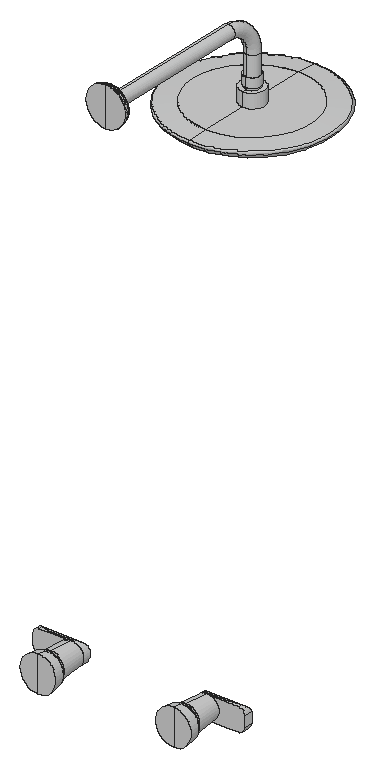
Revit family "LQ4045551  LQ4055551_Ducha 8 pulgadas SD Liquid", category Plumbing Fixtures, host Wall, Revit 2019
Family settings
  Host = Wall
  Round Connector Dimension = Use Diameter
  Part Type = Normal
  OmniClass Number = 23.45.05.14.17
  OmniClass Title = Showers
  Always vertical = Yes
  Cut with Voids When Loaded = No
  Shared = No
  Room Calculation Point = No
Parameters (values of type "Type 1")
  URL_Mezclador = "https://corona.co/productos/griferias/mezclador-ducha-8-pulgadas-liquid-sin-diverter/p/LQ4045551"
  URL_Regadera = "https://corona.co/productos/griferias/regadera-con-brazo-liquid/p/LQ4010001"
  URL = ""
  Temperaturas mínima de trabajo = "5˚C / 41 ˚F"  # constant formula
  Temperaturas máxima de trabajo = " 71˚C / 159,8˚F"  # constant formula
  Referencia = "LQ4045551 / LQ4055551"  # constant formula
  Profundidad = 395.265 mm
  Presion minima = "20 psi (140 Kpa)"  # constant formula
  Presion maxima = "125 psi (860 Kpa)"  # constant formula
  Peso neto = "2.130 g. - 4,70 lb"  # constant formula
  Peso Bruto aprox = "2.400 g. - 5,29 lb"  # constant formula
  Model = ""
  Material = Corona_Plastico_Cromado
  Manufacturer = ""
  Garantía = "30 años"  # constant formula
  Fabricante = "Corona"  # constant formula
  Description = ""
  Type Comments = ""
  Capacidad de flujo = "80 psi: 8,6 L/min"  # constant formula
  Ancho = 319.882 mm
  Altura mezclador = 1200 mm
  Altura ducha = 2000 mm
  Alto = 875.879 mm
Reference planes
  plane 1 "Wall": y = 0
  plane 2 "Center (Left/Right)": x = 125
  plane 3 "Back": y = 75
  plane 4: z = 1200
  plane 5: z = 2000
  plane 6: z = 2038.949
  plane 7: z = 1163.07
  plane 8: x = 284.941
  plane 9: x = -34.941
  plane 10: y = 470.265
Forms (mm)
  Extrusion 1, solid, material "Cubo", detail levels coarse
    sketch origin (0, 0, 0) x (1, 0, 0) y (0, 1, 0)
      loop
        line (-34.941, 470.265) -> (-34.941, 75) -> (284.941, 75) -> (284.941, 470.265) -> (-34.941, 470.265)
    from 1163.07 to 2038.949
Text (mm)
  text "Placement Side" at (-1848.837, 1116.779, 0), in view "Ref. Level"
  text "Placement side" at (0, 1409.804, 2854.306), in view "Left"
  text "Placement side" at (0, 499.811, 2980.732), in view "Right"
Dimensions and locks
  locked: plane 3 "Back" to host wall
  "Altura ducha": level to plane 5
  "Altura mezclador": level to plane 4
  "Alto": plane 7 to plane 6
  equal spacing: plane 8, plane 2 "Center (Left/Right)", plane 9
  "Ancho": plane 8 to plane 9
  "Profundidad": plane 10 to plane 3 "Back"
  aligned and locked: plane 1 "Wall" to host wall
  aligned and locked: host wall to nested 1
  aligned and locked: host wall to nested 2
  aligned and locked: plane 5 to nested 1
Automatic sketch dimensions
  Extrusion 1 sketch curve to host wall = 0 mm
  plane 9 to Extrusion 1 sketch curve = 0 mm
  plane 8 to Extrusion 1 sketch curve = 0 mm
  Extrusion 1 sketch curve to plane 10 = 0 mm
Nested families
  nested 1: "TUNEZ PRO" at (125, 75, 2000) x (-1, 0, 0) z (0, 0, 1), type "TUNEZ PRO", detail levels medium+fine
  nested 2: "TUNEZ PRO2" at (125, 75, 1200) x (-1, 0, 0) z (0, 0, 1), type "TUNEZ PRO2", detail levels medium+fine
  nested 3: "Family1" at (125, 0, 2000.199) x (1, 0, 0) z (0, -1, 0), type "Family1", detail levels coarse
  nested 4: "Family2" at (125, 75, 2000.126) x (0, -1, 0) z (1, 0, 0), type "Family2", detail levels coarse
  nested 5: "Family3" at (125, 75, 1200) x (0, -1, 0) z (1, 0, 0), type "Family3", detail levels coarse
  nested 6: "Family4" at (125, 0, 1200) x (-1, 0, 0) z (0, -1, 0), type "Family4", detail levels coarse
Connectors
  piping at (23.118, 75, 1200), diameter 15
    settings: on host wall, index 2, connector inside diameter 609.6 mm, connector length 0 mm, flow factor 0, pipe flow 0.0 L/s, pressure drop 0.0 Pa, fitting loss kfactor 0, connector angle 0.00°, fixture units 0, engagement length 0 mm, angle of deflection 0.00°, flow configuration 0, flow direction 0, fitting loss method 0, system type 20, joint type 0, gender type 0, connector reference index -1, connector utility 0, adjustable connector no, is connector primary yes, connector description ""
  piping at (226.882, 75, 1200), diameter 15
    settings: on host wall, index 3, connector inside diameter 609.6 mm, connector length 0 mm, flow factor 0, pipe flow 0.0 L/s, pressure drop 0.0 Pa, fitting loss kfactor 0, connector angle 0.00°, fixture units 0, engagement length 0 mm, angle of deflection 0.00°, flow configuration 0, flow direction 0, fitting loss method 0, system type 19, joint type 0, gender type 0, connector reference index -1, connector utility 0, adjustable connector no, is connector primary no, connector description ""
Definition of nested family "TUNEZ PRO"
  Reference planes
    plane 1 "Center (Front/Back)": y = 0
    plane 2: z = 0
    plane 3 "Center (Left/Right)": x = 0
    plane 4: y = -395
    plane 5: z = 0
    plane 6: y = 20.067
    plane 7: x = -120.666
    plane 8: x = 120.666
    plane 9: y = -275.315
    plane 10: y = -155.315
    plane 11: z = 28.949
    plane 12: z = -136.161
  Forms (mm)
    Revolve 1, solid
      sketch origin (0, 1.25, 0) x (0, 1, 0) y (0, 0, 1)
        loop
          line (-1.25, 0) -> (-1.25, 29.574) -> (-2.078, 29.574)
          arc (-2.078, 29.574) -> (-3.815, 29.422) -> (-5.498, 28.971) r 10
          line (-5.498, 28.971) -> (-9.019, 27.689)
          arc (-9.019, 27.689) -> (-9.671, 27.245) -> (-10.032, 26.544) r 1.603
          line (-10.032, 26.544) -> (-11.483, 20.262)
          arc (-11.483, 20.262) -> (-12.208, 16.038) -> (-12.451, 11.759) r 37.796
          line (-12.451, 11.759) -> (-12.451, 0) -> (-1.25, 0)
        axis (-12.451, 0) -> (-1.25, 0)
      angle from 0 to 360
    Sweep 2, solid
      path origin (0, -18.947, 1.486) x (0, 1, 0) y (0, 0, 1)
        loop
          line (8.384, -1.486) -> (-210.521, -1.486)
          arc (-210.521, -1.486) -> (-242.94, -14.914) -> (-256.368, -47.333) r 45.847
          line (-256.368, -47.333) -> (-256.368, -77.333)
      profile origin (0, -120.015, 0) x (0, 0, -1) y (1, 0, 0)
        loop
          circle (0, 0) r 10
    Revolve 3, solid
      sketch origin (0, -43.6, 45.798) x (0, 1, 0) y (0, 0, 1)
        loop
          line (-231.714, -121.645) -> (-231.714, -181.959) -> (-143.905, -181.959) -> (-143.905, -180.564) -> (-133.407, -178.266)
          arc (-133.407, -178.266) -> (-121.494, -173.26) -> (-112.153, -164.332) r 35.611
          arc (-112.153, -164.332) -> (-111.913, -162.097) -> (-113.716, -160.756) r 2.266
          arc (-113.716, -160.756) -> (-128.646, -159.398) -> (-143.63, -158.945) r 248.011
          line (-143.63, -158.945) -> (-213.292, -158.945) -> (-213.292, -138.633) -> (-221.02, -138.633) -> (-221.02, -134.889) -> (-219.383, -134.889) -> (-219.383, -121.645) -> (-231.714, -121.645)
        axis (-231.714, -121.645) -> (-231.714, -181.959)
      angle from 0 to 360
  Dimensions and locks
    plane 4 to plane 1 "Center (Front/Back)" = 395 mm
    plane 1 "Center (Front/Back)" to plane 6 = 20.067 mm
    plane 8 to plane 7 = 241.332 mm
    equal spacing: plane 8, plane 3 "Center (Left/Right)", plane 7
    plane 11 to plane 12 = 165.11 mm  (x2)
    aligned and locked: level to plane 2
  Automatic sketch dimensions
    Revolve 1 sketch curve to level = 0 mm  (x2)
    Revolve 1 sketch curve to plane 1 "Center (Front/Back)" = 0 mm
    plane 1 "Center (Front/Back)" to Revolve 1 sketch curve = 0.828 mm
    Revolve 1 sketch curve to Revolve 1 sketch curve = 3.42 mm
    Revolve 1 sketch curve to Revolve 1 sketch curve = 2.972 mm
    Revolve 1 sketch curve to Revolve 1 sketch curve = 0.548 mm
    Revolve 1 sketch curve to Revolve 1 sketch curve = 1.014 mm
    Revolve 1 sketch curve to Revolve 1 sketch curve = 1.45 mm
    Revolve 1 sketch curve to Revolve 1 sketch curve = 0.969 mm
    plane 6 to Revolve 1 sketch curve = 6.528 mm
    level to Revolve 1 sketch curve = 11.759 mm
    Revolve 1 sketch curve to Revolve 1 sketch curve = 0.688 mm
    Revolve 1 sketch curve to Revolve 1 sketch curve = 5.921 mm
    Revolve 1 sketch curve to Revolve 1 sketch curve = 0.361 mm
    Revolve 1 sketch curve to Revolve 1 sketch curve = 1.281 mm
    Revolve 1 sketch curve to Revolve 1 sketch curve = 3.635 mm
    Revolve 1 sketch curve to Revolve 1 sketch curve = 6.25 mm
    Sweep 2 sketch curve to plane 3 "Center (Left/Right)" = 0 mm
    Sweep 2 sketch curve to profile plane = 0 mm
    Revolve 3 sketch curve to plane 9 = 0 mm  (x2)
    plane 9 to Revolve 3 sketch curve = 10.694 mm
    Revolve 3 sketch curve to Revolve 3 sketch curve = 1.637 mm
    plane 9 to Revolve 3 sketch curve = 18.422 mm
    Revolve 3 sketch curve to plane 10 = 32.191 mm
    Revolve 3 sketch curve to plane 10 = 31.916 mm
    Revolve 3 sketch curve to plane 10 = 29.306 mm
    Revolve 3 sketch curve to Revolve 3 sketch curve = 10.499 mm
    Revolve 3 sketch curve to Revolve 3 sketch curve = 19.417 mm
    Revolve 3 sketch curve to level = 361.158 mm
    Revolve 3 sketch curve to level = 136.161 mm
    Revolve 3 sketch curve to Revolve 3 sketch curve = 1.395 mm
    Revolve 3 sketch curve to Revolve 3 sketch curve = 2.298 mm
    Revolve 3 sketch curve to Revolve 3 sketch curve = 15.262 mm
    Revolve 3 sketch curve to Revolve 3 sketch curve = 23.014 mm
    Revolve 3 sketch curve to Revolve 3 sketch curve = 15.467 mm
    Revolve 3 sketch curve to Revolve 3 sketch curve = 20.312 mm
    Revolve 3 sketch curve to Revolve 3 sketch curve = 3.743 mm
    Revolve 3 sketch curve to Revolve 3 sketch curve = 13.245 mm
    Revolve 3 sketch curve to Revolve 3 sketch curve = 0 mm
    Revolve 3 sketch curve to Revolve 3 sketch curve = 21.561 mm
    Revolve 3 sketch curve to Revolve 3 sketch curve = 18.125 mm
    Sweep 2 sketch curve to level = 0 mm
    Sweep 2 sketch curve to level = 45.847 mm
    plane 4 to Sweep 2 sketch curve = 165.532 mm
    plane 1 "Center (Front/Back)" to Sweep 2 sketch curve = 10.563 mm
    Sweep 2 sketch curve to Sweep 2 sketch curve = 30 mm
    Sweep 2 sketch curve to Sweep 2 sketch curve = 0 mm
    radius of Sweep 2 sketch curve = 10 mm
Definition of nested family "TUNEZ PRO2"
  Parameters (values of type "TUNEZ PRO2")
    Material = none
  Reference planes
    plane 1 "Center (Front/Back)": y = 0
    plane 2: z = 0
    plane 3 "Center (Left/Right)": x = 0
    plane 4: x = -160
    plane 5: x = 160
    plane 6: z = 75
    plane 7: z = -75
    plane 8: y = -71.9
    plane 9: x = 101.875
    plane 10: x = -101.875
  Forms (mm)
    Revolve 1, solid
      sketch origin (101.875, 0, 0) x (0, 1, 0) y (0, 0, 1)
        loop
          line (0, 0) -> (0, 26.93) -> (-16.186, 24.656)
          arc (-16.186, 24.656) -> (-17.385, 24.005) -> (-17.862, 22.727) r 1.948
          line (-17.862, 22.727) -> (-17.862, 14.42) -> (-23.694, 14.42) -> (-23.694, 21.097) -> (-62.294, 17.959) -> (-62.294, 0) -> (0, 0)
        axis (0, 0) -> (-62.294, 0)
      angle from 0 to 360
    Extrusion 2, solid
      sketch origin (0, 0, 0) x (1, 0, 0) y (0, 0, 1)
        loop
          line (101.875, -17.959) -> (160, -17.959) -> (160, 17.959) -> (101.875, 17.959)
          arc (101.875, 17.959) -> (83.916, 0) -> (101.875, -17.959) r 17.959
      from 62.294 to 75.955
    Extrusion 3, void
      sketch origin (0, 0, 0) x (1, 0, 0) y (0, 0, 1)
        loop
          arc (150.149, 17.036) -> (156.179, 14.333) -> (159.121, 8.417) r 9.799
          line (159.121, 8.417) -> (159.121, 0) -> (171.25, 0) -> (171.25, 29.818) -> (101.875, 29.818) -> (101.875, 19.566) -> (150.149, 17.036)
      from 50.367 to 91.04
    Extrusion 4, void
      sketch origin (0, 0, 0) x (1, 0, 0) y (0, 0, 1)
        loop
          line (150.149, -17.036) -> (101.875, -19.566) -> (101.875, -29.818) -> (171.25, -29.818) -> (171.25, 0) -> (159.121, 0) -> (159.121, -8.417)
          arc (159.121, -8.417) -> (156.179, -14.333) -> (150.149, -17.036) r 9.799
      from 50.367 to 91.04
    Extrusion 5, void
      sketch origin (0, 0, 0) x (0, 1, 0) y (0, 0, 1)
        loop
          arc (-74.154, 10.378) -> (-69.392, 15.996) -> (-62.294, 17.959) r 12.504
          line (-62.294, 17.959) -> (-62.294, 23.941) -> (-82.294, 23.941) -> (-82.294, -24.957) -> (-62.294, -24.957) -> (-62.294, -17.959)
          arc (-62.294, -17.959) -> (-69.392, -15.996) -> (-74.154, -10.378) r 12.504
          arc (-74.154, -10.378) -> (-75.279, 0) -> (-74.154, 10.378) r 48.465
      from 0 to 250
    Revolve 6, solid
      sketch origin (-101.875, 0, 0) x (0, 1, 0) y (0, 0, -1)
        loop
          line (0, 0) -> (-62.294, 0) -> (-62.294, -17.959) -> (-23.694, -21.097) -> (-23.694, -14.42) -> (-17.862, -14.42) -> (-17.862, -22.727)
          arc (-17.862, -22.727) -> (-17.385, -24.005) -> (-16.186, -24.656) r 1.948
          line (-16.186, -24.656) -> (0, -26.93) -> (0, 0)
        axis (0, 0) -> (-62.294, 0)
      angle from 0 to 360
    Extrusion 7, solid
      sketch origin (0, 0, 0) x (-1, 0, 0) y (0, 0, -1)
        loop
          arc (101.875, 17.959) -> (83.916, 0) -> (101.875, -17.959) r 17.959
          line (101.875, -17.959) -> (160, -17.959) -> (160, 17.959) -> (101.875, 17.959)
      from 62.294 to 75.955
    Extrusion 8, void
      sketch origin (0, 0, 0) x (-1, 0, 0) y (0, 0, -1)
        loop
          line (150.149, -17.036) -> (101.875, -19.566) -> (101.875, -29.818) -> (171.25, -29.818) -> (171.25, 0) -> (159.121, 0) -> (159.121, -8.417)
          arc (159.121, -8.417) -> (156.179, -14.333) -> (150.149, -17.036) r 9.799
      from 50.367 to 91.04
    Extrusion 9, void
      sketch origin (0, 0, 0) x (-1, 0, 0) y (0, 0, -1)
        loop
          arc (150.149, 17.036) -> (156.179, 14.333) -> (159.121, 8.417) r 9.799
          line (159.121, 8.417) -> (159.121, 0) -> (171.25, 0) -> (171.25, 29.818) -> (101.875, 29.818) -> (101.875, 19.566) -> (150.149, 17.036)
      from 50.367 to 91.04
    Extrusion 10, void
      sketch origin (0, 0, 0) x (0, 1, 0) y (0, 0, -1)
        loop
          arc (-74.154, -10.378) -> (-75.279, 0) -> (-74.154, 10.378) r 48.465
          arc (-74.154, 10.378) -> (-69.392, 15.996) -> (-62.294, 17.959) r 12.504
          line (-62.294, 17.959) -> (-62.294, 24.957) -> (-82.294, 24.957) -> (-82.294, -23.941) -> (-62.294, -23.941) -> (-62.294, -17.959)
          arc (-62.294, -17.959) -> (-69.392, -15.996) -> (-74.154, -10.378) r 12.504
      from 0 to 250
  Cuts and joins
    Extrusion 3 cuts Revolve 1
    Extrusion 3, Extrusion 4, Extrusion 5, Extrusion 8, Extrusion 9, Extrusion 10 cuts Extrusion 2
    Extrusion 8, Extrusion 9, Extrusion 10 cuts Extrusion 7
  Dimensions and locks
    plane 5 to plane 4 = 320 mm
    equal spacing: plane 5, plane 3 "Center (Left/Right)", plane 4
    plane 9 to plane 10 = 203.75 mm
    equal spacing: plane 9, plane 3 "Center (Left/Right)", plane 10
    aligned and locked: level to plane 2
  Automatic sketch dimensions
    Revolve 1 sketch curve to level = 0 mm  (x2)
    Revolve 1 sketch curve to plane 1 "Center (Front/Back)" = 0 mm
    plane 1 "Center (Front/Back)" to Revolve 1 sketch curve = 15.915 mm
    Revolve 1 sketch curve to Revolve 1 sketch curve = 0.271 mm
    Revolve 1 sketch curve to Revolve 1 sketch curve = 1.948 mm
    Revolve 1 sketch curve to Revolve 1 sketch curve = 5.832 mm
    plane 8 to Revolve 1 sketch curve = 9.606 mm
    level to Revolve 1 sketch curve = 14.42 mm
    level to Revolve 1 sketch curve = 17.959 mm
    Revolve 1 sketch curve to Revolve 1 sketch curve = 6.677 mm
    Revolve 1 sketch curve to Revolve 1 sketch curve = 1.629 mm
    Revolve 1 sketch curve to Revolve 1 sketch curve = 2.275 mm
    Revolve 1 sketch curve to plane 8 = 18.1 mm
    Revolve 1 sketch curve to plane 1 "Center (Front/Back)" = 10 mm
    plane 9 to Extrusion 2 sketch curve = 0 mm
    plane 5 to Extrusion 2 sketch curve = 0 mm
    Extrusion 2 sketch curve to level = 0 mm
    Extrusion 2 sketch curve to level = 17.959 mm
    plane 9 to Extrusion 3 sketch curve = 0 mm
    Extrusion 3 sketch curve to level = 0 mm
    plane 5 to Extrusion 3 sketch curve = 10.609 mm
    Extrusion 3 sketch curve to Extrusion 3 sketch curve = 0.759 mm
    plane 5 to Extrusion 3 sketch curve = 0.879 mm
    Extrusion 3 sketch curve to plane 5 = 11.25 mm
    level to Extrusion 3 sketch curve = 7.267 mm
    level to Extrusion 3 sketch curve = 8.417 mm
    level to Extrusion 3 sketch curve = 19.566 mm
    Extrusion 3 sketch curve to Extrusion 3 sketch curve = 21.401 mm
    plane 9 to Extrusion 4 sketch curve = 0 mm
    Extrusion 4 sketch curve to level = 0 mm
    Extrusion 4 sketch curve to plane 5 = 10.609 mm
    Extrusion 4 sketch curve to Extrusion 4 sketch curve = 0.759 mm
    Extrusion 4 sketch curve to plane 5 = 0.879 mm
    plane 5 to Extrusion 4 sketch curve = 11.25 mm
    level to Extrusion 4 sketch curve = 7.267 mm
    level to Extrusion 4 sketch curve = 8.417 mm
    level to Extrusion 4 sketch curve = 19.566 mm
    Extrusion 4 sketch curve to Extrusion 4 sketch curve = 21.401 mm
    Extrusion 5 sketch curve to level = 0 mm
    Extrusion 5 sketch curve to plane 8 = 10.394 mm
    plane 8 to Extrusion 5 sketch curve = 9.242 mm  (x2)
    plane 8 to Extrusion 5 sketch curve = 9.606 mm  (x2)
    plane 1 "Center (Front/Back)" to Extrusion 5 sketch curve = 26.814 mm
    Extrusion 5 sketch curve to level = 5.46 mm
    Extrusion 5 sketch curve to Extrusion 5 sketch curve = 12.499 mm  (x2)
    Extrusion 5 sketch curve to Extrusion 5 sketch curve = 6.998 mm
    level to Extrusion 5 sketch curve = 5.46 mm
    Extrusion 5 sketch curve to Extrusion 5 sketch curve = 5.982 mm
    Extrusion 5 sketch curve to plane 8 = 2.254 mm
    Revolve 6 sketch curve to level = 0 mm  (x2)
    Revolve 6 sketch curve to plane 1 "Center (Front/Back)" = 0 mm
    plane 1 "Center (Front/Back)" to Revolve 6 sketch curve = 15.915 mm
    Revolve 6 sketch curve to Revolve 6 sketch curve = 0.271 mm
    Revolve 6 sketch curve to Revolve 6 sketch curve = 1.948 mm
    Revolve 6 sketch curve to Revolve 6 sketch curve = 5.832 mm
    plane 8 to Revolve 6 sketch curve = 9.606 mm
    level to Revolve 6 sketch curve = 14.42 mm
    level to Revolve 6 sketch curve = 17.959 mm
    Revolve 6 sketch curve to Revolve 6 sketch curve = 6.677 mm
    Revolve 6 sketch curve to Revolve 6 sketch curve = 1.629 mm
    Revolve 6 sketch curve to Revolve 6 sketch curve = 2.275 mm
    Revolve 6 sketch curve to plane 8 = 18.1 mm
    Revolve 6 sketch curve to plane 1 "Center (Front/Back)" = 10 mm
    Extrusion 7 sketch curve to plane 10 = 0 mm
    Extrusion 7 sketch curve to plane 4 = 0 mm
    Extrusion 7 sketch curve to level = 0 mm
    Extrusion 7 sketch curve to Extrusion 7 sketch curve = 17.959 mm
    Extrusion 8 sketch curve to plane 10 = 0 mm
    Extrusion 8 sketch curve to level = 0 mm
    Extrusion 8 sketch curve to plane 4 = 10.609 mm
    Extrusion 8 sketch curve to Extrusion 8 sketch curve = 0.759 mm
    Extrusion 8 sketch curve to plane 4 = 0.879 mm
    plane 4 to Extrusion 8 sketch curve = 11.25 mm
    Extrusion 8 sketch curve to level = 7.267 mm
    Extrusion 8 sketch curve to level = 8.417 mm
    Extrusion 8 sketch curve to level = 19.566 mm
    Extrusion 8 sketch curve to Extrusion 8 sketch curve = 21.401 mm
    Extrusion 9 sketch curve to plane 10 = 0 mm
    Extrusion 9 sketch curve to level = 0 mm
    plane 4 to Extrusion 9 sketch curve = 10.609 mm
    Extrusion 9 sketch curve to Extrusion 9 sketch curve = 0.759 mm
    plane 4 to Extrusion 9 sketch curve = 0.879 mm
    Extrusion 9 sketch curve to plane 4 = 11.25 mm
    Extrusion 9 sketch curve to level = 7.267 mm
    Extrusion 9 sketch curve to level = 8.417 mm
    Extrusion 9 sketch curve to level = 19.566 mm
    Extrusion 9 sketch curve to Extrusion 9 sketch curve = 21.401 mm
    Extrusion 10 sketch curve to level = 0 mm
    Extrusion 10 sketch curve to plane 8 = 10.394 mm
    plane 8 to Extrusion 10 sketch curve = 9.242 mm  (x2)
    plane 8 to Extrusion 10 sketch curve = 9.606 mm  (x2)
    plane 1 "Center (Front/Back)" to Extrusion 10 sketch curve = 26.814 mm
    level to Extrusion 10 sketch curve = 5.46 mm
    Extrusion 10 sketch curve to Extrusion 10 sketch curve = 12.499 mm  (x2)
    Extrusion 10 sketch curve to Extrusion 10 sketch curve = 5.982 mm
    Extrusion 10 sketch curve to level = 5.46 mm
    Extrusion 10 sketch curve to Extrusion 10 sketch curve = 6.998 mm
    Extrusion 10 sketch curve to plane 8 = 2.254 mm
Definition of nested family "Family1"
  Reference planes
    plane 1 "Center (Front/Back)": y = 0
    plane 2: z = 0
    plane 3 "Center (Left/Right)": x = 0
    plane 4: x = 120.703
    plane 5: x = -120.703
  Lines and regions (mm)
    detail lines, in view "Ref. Level"
      curve 1: line (-10.858, 0, 0) -> (-10.858, -75.679, 0)
      curve 2: line (-12.647, -75.679, 0) -> (12.353, -75.679, 0)
      curve 3: line (10.858, 0, 0) -> (10.858, -75.679, 0)
      curve 4: line (-12.647, -75.679, 0) -> (-12.647, -88.663, 0)
      curve 5: line (-12.647, -88.663, 0) -> (12.353, -88.663, 0)
      curve 6: line (-10.283, -88.663, 0) -> (-10.283, -92.047, 0)
      curve 7: line (12.353, -88.663, 0) -> (12.353, -75.679, 0)
      curve 8: line (19.717, -92.047, 0) -> (-20.283, -92.047, 0)
      curve 9: line (-20.283, -92.047, 0) -> (-20.283, -115.183, 0)
      curve 10: line (19.717, -92.047, 0) -> (19.717, -115.183, 0)
      curve 11: line (91.26, -115.183, 0) -> (-91.26, -115.183, 0)
      curve 12: line (91.26, -135.107, 0) -> (-91.26, -135.107, 0)
      curve 13: line (91.26, -135.107, 0) -> (91.26, -131.941, 0)
      curve 14: arc (91.26, -115.183, 0) -> (104.045, -115.518, 0) -> (116.795, -116.521, 0) r 244.29
      curve 15: arc (116.795, -116.521, 0) -> (119.149, -118.049, 0) -> (119.295, -120.851, 0) r 3.09
      curve 16: arc (119.295, -120.851, 0) -> (106.263, -128.886, 0) -> (91.26, -131.941, 0) r 43.782
      curve 17: line (-91.26, -135.107, 0) -> (-91.26, -131.941, 0)
      curve 18: arc (-91.26, -115.183, 0) -> (-104.045, -115.518, 0) -> (-116.795, -116.521, 0) r 244.29
      curve 19: arc (-116.795, -116.521, 0) -> (-119.149, -118.049, 0) -> (-119.295, -120.851, 0) r 3.09
      curve 20: arc (-119.295, -120.851, 0) -> (-106.263, -128.886, 0) -> (-91.26, -131.941, 0) r 43.782
      curve 21: line (10.283, -88.663, 0) -> (10.283, -92.047, 0)
      curve 22: arc (10.858, 0, 0) -> (0, 10.858, 0) -> (-10.858, 0, 0) r 10.858
      curve 23: arc (10.858, -12.813, 0) -> (0, 16.795, 0) -> (-10.858, -12.813, 0) r 16.795
      curve 24: arc (10.858, -27.966, 0) -> (0, 30, 0) -> (-10.858, -27.966, 0) r 30
Definition of nested family "Family2"
  Reference planes
    plane 1 "Center (Front/Back)": y = 0
    plane 2: z = 0
    plane 3 "Center (Left/Right)": x = 0
    plane 4: x = -395
    plane 5: x = 20
    plane 6: y = 29.476
    plane 7: y = -135.524
  Lines and regions (mm)
    detail lines, in view "Ref. Level"
      curve 1: line (-352.214, -115.295, 0) -> (-197.214, -115.295, 0)
      curve 2: arc (-197.214, -115.295, 0) -> (-177.974, -115.476, 0) -> (-158.742, -116.019, 0) r 1023.296
      curve 3: arc (-158.742, -116.019, 0) -> (-155.571, -118.548, 0) -> (-157.052, -122.323, 0) r 3.415
      curve 4: arc (-157.052, -122.323, 0) -> (-163.093, -126.241, 0) -> (-169.9, -128.589, 0) r 29.681
      curve 5: line (-169.9, -128.589, 0) -> (-182.226, -131.892, 0)
      curve 6: line (-182.226, -131.892, 0) -> (-182.226, -135.524, 0)
      curve 7: arc (-352.214, -115.295, 0) -> (-371.453, -115.476, 0) -> (-390.686, -116.019, 0) r 1023.296
      curve 8: arc (-390.686, -116.019, 0) -> (-393.857, -118.548, 0) -> (-392.375, -122.323, 0) r 3.415
      curve 9: arc (-392.375, -122.323, 0) -> (-386.335, -126.241, 0) -> (-379.528, -128.589, 0) r 29.681
      curve 10: line (-379.528, -128.589, 0) -> (-367.202, -131.892, 0)
      curve 11: line (-367.202, -131.892, 0) -> (-367.202, -135.524, 0)
      curve 12: line (-367.202, -135.524, 0) -> (-182.226, -135.524, 0)
      curve 13: line (-294.966, -115.295, 0) -> (-294.966, -92.51, 0)
      curve 14: line (-294.966, -92.51, 0) -> (-253.951, -92.51, 0)
      curve 15: line (-253.951, -92.51, 0) -> (-253.951, -115.295, 0)
      curve 16: line (-284.966, -92.51, 0) -> (-284.966, -89.053, 0)
      curve 17: line (-261.881, -89.053, 0) -> (-286.881, -89.053, 0)
      curve 18: line (-286.881, -89.053, 0) -> (-286.881, -75.544, 0)
      curve 19: line (-286.881, -75.544, 0) -> (-261.881, -75.544, 0)
      curve 20: line (-261.881, -75.544, 0) -> (-261.881, -89.053, 0)
      curve 21: line (-263.724, -89.053, 0) -> (-263.724, -92.51, 0)
      curve 22: line (-284.966, -75.544, 0) -> (-284.966, -40.544, 0)
      curve 23: line (-263.724, -75.544, 0) -> (-263.724, -40.544, 0)
      curve 24: arc (-263.724, -40.544, 0) -> (-255.121, -19.775, 0) -> (-234.352, -11.173, 0) r 29.372
      curve 25: line (-234.352, -11.173, 0) -> (-10, -11.173, 0)
      curve 26: arc (-284.966, -40.544, 0) -> (-269.32, -3.686, 0) -> (-231.938, 10.664, 0) r 51.239
      curve 27: line (-231.938, 10.664, 0) -> (-10, 10.664, 0)
      curve 28: line (-10, 10.664, 0) -> (-10, -11.173, 0)
      curve 29: line (0, 0, 0) -> (0, 28.579, 0)
      curve 30: line (0, 28.579, 0) -> (-1.879, 28.579, 0)
      curve 31: line (-5.19, 27.845, 0) -> (-6.791, 27.098, 0)
      curve 32: line (-10, 10.664, 0) -> (-10, 14.582, 0)
      curve 33: line (-9.538, 19.352, 0) -> (-8.434, 24.997, 0)
      curve 34: arc (-6.791, 27.098, 0) -> (-7.865, 26.244, 0) -> (-8.434, 24.997, 0) r 2.94
      curve 35: arc (-1.879, 28.579, 0) -> (-3.574, 28.393, 0) -> (-5.19, 27.845, 0) r 7.834
      curve 36: arc (-10, 14.582, 0) -> (-9.884, 16.978, 0) -> (-9.538, 19.352, 0) r 24.853
      curve 37: line (0, 0, 0) -> (0, -28.579, 0)
      curve 38: line (0, -28.579, 0) -> (-1.879, -28.579, 0)
      curve 39: line (-5.19, -27.845, 0) -> (-6.791, -27.098, 0)
      curve 40: line (-10, -10.664, 0) -> (-10, -14.582, 0)
      curve 41: line (-9.538, -19.352, 0) -> (-8.434, -24.997, 0)
      curve 42: arc (-6.791, -27.098, 0) -> (-7.865, -26.244, 0) -> (-8.434, -24.997, 0) r 2.94
      curve 43: arc (-1.879, -28.579, 0) -> (-3.574, -28.393, 0) -> (-5.19, -27.845, 0) r 7.834
      curve 44: arc (-10, -14.582, 0) -> (-9.884, -16.978, 0) -> (-9.538, -19.352, 0) r 24.853
  Dimensions and locks
    plane 4 to plane 3 "Center (Left/Right)" = 395 mm
    plane 3 "Center (Left/Right)" to plane 5 = 20 mm
    plane 7 to plane 6 = 165 mm
Definition of nested family "Family3"
  Reference planes
    plane 1 "Center (Front/Back)": y = 0
    plane 2: z = 0
    plane 3 "Center (Left/Right)": x = 0
    plane 4: y = 31.814
    plane 5: y = -29.186
  Lines and regions (mm)
    detail lines, in view "Ref. Level"
      curve 1: line (0, 33.23, 0) -> (-19.394, 30.505, 0)
      curve 2: line (-22.371, 27.08, 0) -> (-22.371, -23.399, 0)
      curve 3: line (-19.625, -26.791, 0) -> (0, -30.962, 0)
      curve 4: line (0, -30.962, 0) -> (0, 33.23, 0)
      curve 5: line (-22.371, 19.303, 0) -> (-28.056, 19.303, 0)
      curve 6: line (-28.056, -23.479, 0) -> (-28.056, 26.521, 0)
      curve 7: line (-28.056, -16.892, 0) -> (-22.371, -16.892, 0)
      curve 8: line (-28.056, 26.521, 0) -> (-73.813, 23.322, 0)
      curve 9: line (-89.005, 7.03, 0) -> (-89.005, -5.229, 0)
      curve 10: line (-75.052, -20.192, 0) -> (-28.056, -23.479, 0)
      curve 11: arc (-73.813, 23.322, 0) -> (-84.618, 18.168, 0) -> (-89.005, 7.03, 0) r 16.331
      curve 12: arc (-89.005, -5.229, 0) -> (-84.976, -15.459, 0) -> (-75.052, -20.192, 0) r 15
      curve 13: arc (-19.394, 30.505, 0) -> (-21.523, 29.349, 0) -> (-22.371, 27.08, 0) r 3.458
      curve 14: arc (-22.371, -23.399, 0) -> (-21.599, -25.581, 0) -> (-19.625, -26.791, 0) r 3.467
  Dimensions and locks
    plane 5 to plane 4 = 61 mm
Definition of nested family "Family4"
  Reference planes
    plane 1 "Center (Front/Back)": y = 0
    plane 2: z = 0
    plane 3 "Center (Left/Right)": x = 0
    plane 4: x = 160.007
    plane 5: x = -160.007
    plane 6: x = 101.882
    plane 7: x = -101.882
  Lines and regions (mm)
    detail lines, in view "Ref. Level"
      curve 1: line (-114.488, 18.988, 0) -> (-150.53, 17.099, 0)
      curve 2: line (-160.007, 7.113, 0) -> (-160.007, -6.009, 0)
      curve 3: line (-150.356, -16.003, 0) -> (-116.868, -17.172, 0)
      curve 4: arc (-150.53, 17.099, 0) -> (-157.261, 13.996, 0) -> (-160.007, 7.113, 0) r 10
      curve 5: arc (-150.356, -16.003, 0) -> (-157.2, -12.955, 0) -> (-160.007, -6.009, 0) r 10
      curve 6: arc (-124.389, -16.909, 0) -> (-73.751, -1.049, 0) -> (-123.067, 18.538, 0) r 28.151
      curve 7: arc (-116.868, -17.172, 0) -> (-79.14, -1.497, 0) -> (-114.488, 18.988, 0) r 22.791
      curve 8: line (114.488, 18.988, 0) -> (150.53, 17.099, 0)
      curve 9: line (160.007, 7.113, 0) -> (160.007, -6.009, 0)
      curve 10: line (150.356, -16.003, 0) -> (116.868, -17.172, 0)
      curve 11: arc (150.53, 17.099, 0) -> (157.261, 13.996, 0) -> (160.007, 7.113, 0) r 10
      curve 12: arc (150.356, -16.003, 0) -> (157.2, -12.955, 0) -> (160.007, -6.009, 0) r 10
      curve 13: arc (124.389, -16.909, 0) -> (73.751, -1.049, 0) -> (123.067, 18.538, 0) r 28.151
      curve 14: arc (116.868, -17.172, 0) -> (79.14, -1.497, 0) -> (114.488, 18.988, 0) r 22.791
